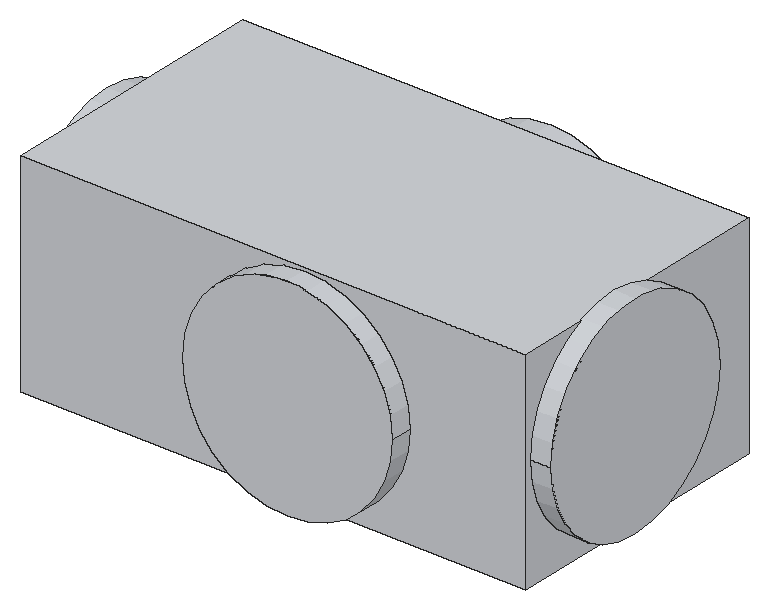
Revit family "TESTAHU", category Mechanical Equipment, Revit 2018
Family settings
  Round Connector Dimension = Use Diameter
  Part Type = Normal
  OmniClass Number = 23.75.00.00
  OmniClass Title = Climate Control (HVAC)
  Work Plane-Based = No
  Always vertical = Yes
  Cut with Voids When Loaded = No
  Shared = No
  Room Calculation Point = No
Reference planes
  plane 1 "Center (Front/Back)": y = 0
  plane 2: z = 0
  plane 3 "Center (Left/Right)": x = 0
Forms (mm)
  Extrusion 1, solid
    sketch origin (0, 0, 0) x (1, 0, 0) y (0, 1, 0)
      loop
        line (-474.408, 290.417) -> (-474.408, -369.583) -> (725.592, -369.583) -> (725.592, 290.417) -> (-474.408, 290.417)
    from 0 to 500
Dimensions and locks
  aligned and locked: level to plane 2
Nested families
  nested 1: "TestingConnectorExtrusion" at (216.374, 290.417, 248.321) x (1, 0, 0) z (0, 1, 0), type "TestingConnectorExtrusion"
  nested 2: "TestingConnectorExtrusion" at (-474.408, -49.518, 237.432) x (0, 1, 0) z (-1, 0, 0), type "TestingConnectorExtrusion"
  nested 3: "TestingConnectorExtrusion" at (200.143, -369.583, 243.449) x (-1, 0, 0) z (0, -1, 0), type "TestingConnectorExtrusion"
  nested 4: "TestingConnectorExtrusion" at (725.592, -107.702, 271.657) x (0, -1, 0) z (1, 0, 0), type "TestingConnectorExtrusion"
Definition of nested family "TestingConnectorExtrusion"
  Parameters (values of type "TestingConnectorExtrusion")
    Default Elevation = 1219.2 mm
  Reference planes
    plane 1 "Center (Front/Back)": y = 0
    plane 2: z = 0
    plane 3 "Center (Left/Right)": x = 0
  Forms (mm)
    Extrusion 1, solid
      sketch origin (0, 0, 0) x (1, 0, 0) y (0, 1, 0)
        loop
          circle (0, 0) r 250
      from 0 to 50
  Dimensions and locks
    aligned and locked: level to plane 2
